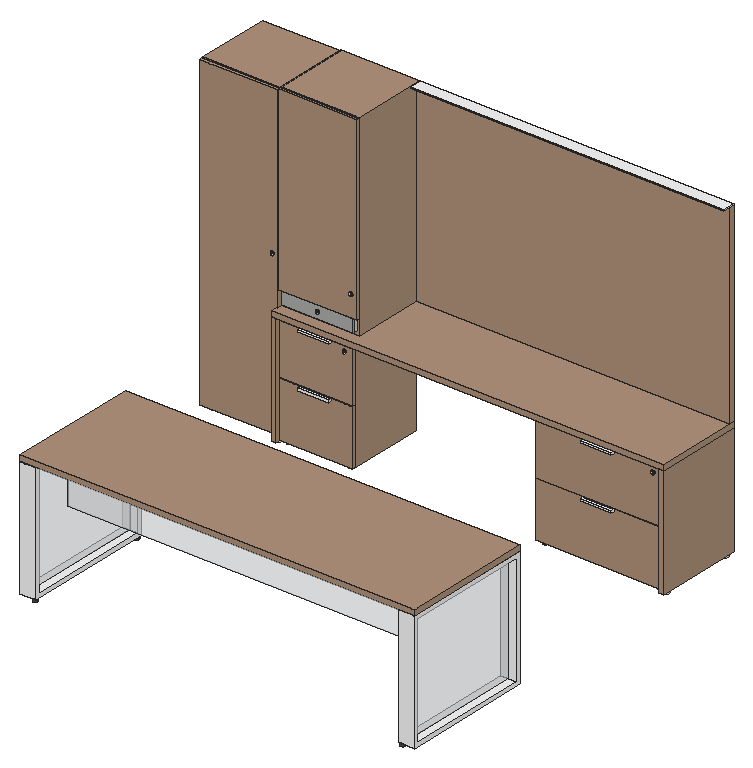
Revit family "Expansion_Casegoods-Private_Office_19-Teknion-R2019", category Furniture Systems, Revit 2019 (continued)
Definition of nested family "Workstations-Multi_Level-Teknion-B_MSD_Secondary-R2018"
  Forms (in)
    Extrusion 13, solid, material <- "Grommet Finish", visible <- "Right Grommet"
      from 0 to 0.15748
  Lines and regions (in)
    Masking region 1
      outline origin (0, 0, 17.425) x (-1, 0, 0) y (0, -1, 0)
        loop
          line (26.865, -9.95) -> (26.865, 9.95) -> (-26.865, 9.95) -> (-26.865, -9.95) -> (26.865, -9.95)
    symbolic lines, detail levels medium+fine
      curve 1: line (-25.84925, -9.95, 0) -> (-25.84925, 9.95, 0)
      curve 2: line (25.84926, 9.95, 0) -> (25.84926, -9.95, 0)
    symbolic lines, visible <- "Has Centered Rectangular Grommet"
      curve 3: line (-0.47993, 8.124, 0) -> (-3.32716, 8.124, 0)
      curve 4: line (3.32716, 8.124, 0) -> (-0.47993, 8.124, 0)
      curve 5: line (3.32716, 5.27994, 0) -> (3.32716, 8.124, 0)
      curve 6: line (-0.47993, 5.27994, 0) -> (3.32716, 5.27994, 0)
      curve 7: line (-3.32716, 5.27994, 0) -> (-0.47993, 5.27994, 0)
      curve 8: line (-3.32716, 8.124, 0) -> (-3.32716, 5.27994, 0)
      curve 9: line (-0.47993, 5.27994, 0) -> (-0.47993, 8.124, 0)
      curve 10: line (-0.47993, 6.91464, 0) -> (1.79967, 6.91464, 0)
      curve 11: line (1.79967, 6.48929, 0) -> (-0.47993, 6.48929, 0)
      curve 12: line (1.79967, 6.91464, 0) -> (1.79967, 6.48929, 0)
    symbolic lines, detail levels fine
      curve 13: arc (26.35528, 8.93481, 0) -> (25.87047, 8.45, 0) -> (26.35528, 7.96519, 0) r 0.48481
      curve 14: arc (26.35528, 7.96519, 0) -> (26.84009, 8.45, 0) -> (26.35528, 8.93481, 0) r 0.48481
      curve 15: arc (26.35528, -7.98445, 0) -> (25.87047, -8.46926, 0) -> (26.35528, -8.95407, 0) r 0.48481
      curve 16: arc (26.35528, -8.95407, 0) -> (26.84009, -8.46926, 0) -> (26.35528, -7.98445, 0) r 0.48481
      curve 17: arc (-26.35528, -7.98445, 0) -> (-26.84009, -8.46926, 0) -> (-26.35528, -8.95407, 0) r 0.48481
      curve 18: arc (-26.35528, -8.95407, 0) -> (-25.87047, -8.46926, 0) -> (-26.35528, -7.98445, 0) r 0.48481
      curve 19: arc (-26.35528, 7.96519, 0) -> (-25.87047, 8.45, 0) -> (-26.35528, 8.93481, 0) r 0.48481
      curve 20: arc (-26.35528, 8.93481, 0) -> (-26.84009, 8.45, 0) -> (-26.35528, 7.96519, 0) r 0.48481
      curve 21: line (-25.73024, 6.95, 0) -> (-25.84925, 6.95, 0)
      curve 22: line (-22.8965, 6.95, 0) -> (-25.73024, 6.95, 0)
      curve 23: line (-22.8965, -6.95, 0) -> (-22.8965, 6.95, 0)
      curve 24: line (-25.73024, -6.95, 0) -> (-22.8965, -6.95, 0)
      curve 25: line (-25.84925, -6.95, 0) -> (-25.73024, -6.95, 0)
      curve 26: line (-25.73024, -6.95, 0) -> (-25.73024, 6.95, 0)
      curve 27: line (25.84926, 6.95, 0) -> (25.73024, 6.95, 0)
      curve 28: line (25.73024, 6.95, 0) -> (22.8965, 6.95, 0)
      curve 29: line (22.8965, 6.95, 0) -> (22.8965, -6.95, 0)
      curve 30: line (22.8965, -6.95, 0) -> (25.73024, -6.95, 0)
      curve 31: line (25.73024, 6.95, 0) -> (25.73024, -6.95, 0)
      curve 32: line (25.73024, -6.95, 0) -> (25.84926, -6.95, 0)
    symbolic lines, visible <- "Left Grommet"
      curve 33: line (-18.77406, 8.124, 0) -> (-21.62129, 8.124, 0)
      curve 34: line (-14.96698, 8.124, 0) -> (-18.77406, 8.124, 0)
      curve 35: line (-14.96698, 5.27994, 0) -> (-14.96698, 8.124, 0)
      curve 36: line (-18.77406, 5.27994, 0) -> (-14.96698, 5.27994, 0)
      curve 37: line (-21.62129, 5.27994, 0) -> (-18.77406, 5.27994, 0)
      curve 38: line (-21.62129, 8.124, 0) -> (-21.62129, 5.27994, 0)
      curve 39: line (-18.77406, 5.27994, 0) -> (-18.77406, 8.124, 0)
      curve 40: line (-18.77406, 6.91464, 0) -> (-16.49446, 6.91464, 0)
      curve 41: line (-16.49446, 6.48929, 0) -> (-18.77406, 6.48929, 0)
      curve 42: line (-16.49446, 6.91464, 0) -> (-16.49446, 6.48929, 0)
    symbolic lines, visible <- "Right Grommet"
      curve 43: line (18.77406, 5.27994, 0) -> (21.62129, 5.27994, 0)
      curve 44: line (14.96698, 5.27994, 0) -> (18.77406, 5.27994, 0)
      curve 45: line (14.96698, 8.124, 0) -> (14.96698, 5.27994, 0)
      curve 46: line (18.77406, 8.124, 0) -> (14.96698, 8.124, 0)
      curve 47: line (21.62129, 8.124, 0) -> (18.77406, 8.124, 0)
      curve 48: line (21.62129, 5.27994, 0) -> (21.62129, 8.124, 0)
      curve 49: line (18.77406, 8.124, 0) -> (18.77406, 5.27994, 0)
      curve 50: line (18.77406, 6.48929, 0) -> (16.49446, 6.48929, 0)
      curve 51: line (16.49446, 6.91464, 0) -> (18.77406, 6.91464, 0)
      curve 52: line (16.49446, 6.48929, 0) -> (16.49446, 6.91464, 0)
  Dimensions and locks (in)
    equal spacing: plane 4 "Left", plane 3 "Center L/R", plane 5 "Right"
    equal spacing: plane 6 "Back", plane 1 "Center F/B", plane 7 "Front"
    "Actual Width": plane 4 "Left" to plane 5 "Right"
    "Actual Depth": plane 7 "Front" to plane 6 "Back"
    locked: Sweep 2 sketch curve to plane 2 at 0.41339
    locked: Sweep 2 sketch curve to plane 12 at 0
    locked: plane 4 "Left" to Sweep 2 sketch curve at 1.01575
    locked: Sweep 2 sketch curve to plane 5 "Right" at 1.01574
    "Height": plane 8 "Top" to plane 2
    locked: Extrusion 3 to plane 2 at 0.41339
    locked: plane 4 "Left" to Extrusion 3 sketch curve at 0.50972  (x2)
    locked: Extrusion 3 sketch curve to plane 5 "Right" at 0.50972  (x2)
    locked: plane 7 "Front" to Extrusion 3 sketch curve at 1.48074
    locked: plane 6 "Back" to Extrusion 3 sketch curve at 1.5
    Extrusion 4 sketch curve to Extrusion 4 sketch curve to plane 3 "Center L/R" = 0' - 2.84723" locked, 0' - 0.47993" locked
    plane 6 "Back" to Extrusion 4 sketch curve to Extrusion 4 sketch curve = 0' - 1.826" locked, 0' - 2.84406" locked
    Extrusion 5 sketch curve to Extrusion 5 sketch curve to plane 3 "Center L/R" to Extrusion 5 sketch curve to Extrusion 5 sketch curve = 0' - 0" locked, 0' - 0.47993" locked, 0' - 1.79967" locked, 0' - 1.52748" locked
    Extrusion 5 sketch curve to Extrusion 5 sketch curve to Extrusion 5 sketch curve to Extrusion 5 sketch curve to plane 6 "Back" = 0' - 1.20936" locked, 0' - 0.42535" locked, 0' - 1.20936" locked, 0' - 1.826" locked
    locked: plane 9 to plane 8 "Top" at 0.15748
    locked: Extrusion 6 sketch curve to plane 6 "Back" at 3
    locked: Extrusion 6 sketch curve to plane 7 "Front" at 3
    plane 4 "Left" to Extrusion 6 sketch curve to Extrusion 6 sketch curve = 0' - 1.13476" locked, 0' - 2.83374" locked
    Extrusion 7 sketch curve to Extrusion 7 sketch curve to Extrusion 7 sketch curve to plane 6 "Back" = 0' - 2.67826" locked, 0' - 0.3937" locked, 0' - 3" locked
    plane 7 "Front" to Extrusion 7 sketch curve to Extrusion 7 sketch curve to Extrusion 7 sketch curve = 0' - 3" locked, 0' - 0.3937" locked, 0' - 2.67826" locked
    Extrusion 7 sketch curve to Extrusion 7 sketch curve to Extrusion 7 sketch curve to Extrusion 7 sketch curve to Extrusion 7 sketch curve to Extrusion 7 sketch curve to plane 12 = 0' - 0.3937" locked, 0' - 0" locked, 0' - 1.78551" locked, 0' - 0" locked, 0' - 0.77355" locked, 0' - 0" locked
    plane 5 "Right" to Extrusion 8 sketch curve to Extrusion 8 sketch curve = 0' - 1.13476" locked, 0' - 2.83374" locked
    Extrusion 9 sketch curve to Extrusion 9 sketch curve to Extrusion 9 sketch curve to plane 6 "Back" = 0' - 2.67826" locked, 0' - 0.3937" locked, 0' - 3" locked
    plane 7 "Front" to Extrusion 9 sketch curve to Extrusion 9 sketch curve to Extrusion 9 sketch curve = 0' - 3" locked, 0' - 0.3937" locked, 0' - 2.67826" locked
    plane 12 to Extrusion 9 sketch curve to Extrusion 9 sketch curve to Extrusion 9 sketch curve to Extrusion 9 sketch curve to Extrusion 9 sketch curve to Extrusion 9 sketch curve = 0' - 0" locked, 0' - 0.77355" locked, 0' - 0" locked, 0' - 1.78551" locked, 0' - 0" locked, 0' - 0.3937" locked
    locked: plane 6 "Back" to Extrusion 8 sketch curve at 3
    locked: plane 7 "Front" to Extrusion 8 sketch curve at 3
    locked: plane 4 "Left" to plane 10 at 1.01575
    locked: plane 10 to Extrusion 7 at 0.11902
    locked: plane 5 "Right" to plane 11 at 1.01575
    locked: Extrusion 9 to plane 11 at 0.11902
    "Worksurface Thickness": plane 8 "Top" to plane 12
    locked: plane 12 to Extrusion 6 at 0.11897
    locked: plane 12 to Extrusion 8 at 0.11897
    plane 4 "Left" to Extrusion 10 sketch curve to Extrusion 10 sketch curve = 0' - 5.24371" locked, 0' - 2.84723" locked
    plane 6 "Back" to Extrusion 10 sketch curve to Extrusion 10 sketch curve = 0' - 1.826" locked, 0' - 2.84406" locked
    plane 4 "Left" to Extrusion 11 sketch curve to Extrusion 11 sketch curve to Extrusion 11 sketch curve to Extrusion 11 sketch curve = 0' - 8.09094" locked, 0' - 0" locked, 0' - 2.2796", 0' - 1.52748" locked
    Extrusion 11 sketch curve to Extrusion 11 sketch curve to Extrusion 11 sketch curve to Extrusion 11 sketch curve to plane 6 "Back" = 0' - 1.20936" locked, 0' - 0.42535" locked, 0' - 1.20936" locked, 0' - 1.826" locked
    plane 5 "Right" to Extrusion 12 sketch curve to Extrusion 12 sketch curve = 0' - 5.24371" locked, 0' - 2.84723" locked
    Extrusion 12 sketch curve to Extrusion 12 sketch curve to plane 6 "Back" = 0' - 2.84406" locked, 0' - 1.826" locked
    plane 5 "Right" to Extrusion 13 sketch curve to Extrusion 13 sketch curve to Extrusion 13 sketch curve to Extrusion 13 sketch curve = 0' - 8.09094" locked, 0' - 0" locked, 0' - 2.2796" locked, 0' - 1.52748" locked
    plane 6 "Back" to Extrusion 13 sketch curve to Extrusion 13 sketch curve to Extrusion 13 sketch curve to Extrusion 13 sketch curve = 0' - 1.826" locked, 0' - 1.20936" locked, 0' - 0.42535" locked, 0' - 1.20936" locked
    aligned and locked: level to plane 2
    aligned and locked: plane 4 "Left" to Sweep 1 sketch curve
    aligned and locked: plane 5 "Right" to Sweep 1 sketch curve
    aligned and locked: plane 1 "Center F/B" to Sweep 1 sketch curve
    aligned and locked: Sweep 1 sketch curve to plane 8 "Top"
    aligned and locked: Sweep 1 sketch curve to plane 7 "Front"
    aligned and locked: Sweep 1 sketch curve to plane 6 "Back"
    aligned and locked: Sweep 2 sketch curve to plane 3 "Center L/R"
    aligned and locked: Sweep 2 sketch curve to plane 6 "Back"  (x2)
    aligned and locked: Sweep 2 sketch curve to plane 4 "Left"
    aligned and locked: Sweep 2 sketch curve to plane 7 "Front"  (x2)
    aligned and locked: Sweep 2 sketch curve to plane 5 "Right"
    aligned and locked: plane 2 to Extrusion 3
    aligned and locked: curve 1 to Sweep 2
    aligned and locked: curve 2 to Sweep 2
    aligned and locked: Masking region 1 sketch curve to plane 4 "Left"
    aligned and locked: Masking region 1 sketch curve to plane 5 "Right"
    aligned and locked: Masking region 1 sketch curve to plane 6 "Back"
    aligned and locked: Masking region 1 sketch curve to plane 7 "Front"
    aligned and locked: Extrusion 4 to plane 9
    aligned and locked: Extrusion 5 to plane 9
    aligned and locked: Extrusion 4 to plane 8 "Top"
    aligned and locked: Extrusion 5 to plane 8 "Top"
    aligned and locked: curve 3 to Extrusion 4
    aligned and locked: curve 7 to Extrusion 4
    aligned and locked: curve 8 to Extrusion 4
    aligned and locked: curve 9 to Extrusion 4
    aligned and locked: Extrusion 7 to Extrusion 6
    aligned and locked: Extrusion 8 to Extrusion 9
    aligned and locked: Extrusion 7 to plane 10
    aligned and locked: Extrusion 9 to plane 11
    aligned and locked: curve 4 to Extrusion 5
    aligned and locked: curve 5 to Extrusion 5
    aligned and locked: curve 10 to Extrusion 5
    aligned and locked: curve 12 to Extrusion 5
    aligned and locked: curve 11 to Extrusion 5
    aligned and locked: curve 13 to Extrusion 3
    aligned and locked: curve 14 to Extrusion 3
    aligned and locked: curve 15 to Extrusion 3
    aligned and locked: curve 16 to Extrusion 3
    aligned and locked: curve 17 to Extrusion 3
    aligned and locked: curve 18 to Extrusion 3
    aligned and locked: curve 19 to Extrusion 3
    aligned and locked: curve 20 to Extrusion 3
    aligned and locked: curve 28 to Extrusion 8
    aligned and locked: curve 29 to Extrusion 8
    aligned and locked: curve 30 to Extrusion 8
    aligned and locked: Extrusion 8 to plane 12
    aligned and locked: Extrusion 6 to plane 12
    aligned and locked: curve 23 to Extrusion 6
    aligned and locked: curve 33 to Extrusion 10
    aligned and locked: curve 37 to Extrusion 10
    aligned and locked: curve 38 to Extrusion 10
    aligned and locked: curve 39 to Extrusion 10
    aligned and locked: curve 34 to Extrusion 11
    aligned and locked: curve 35 to Extrusion 11
    aligned and locked: curve 40 to Extrusion 11
    aligned and locked: curve 42 to Extrusion 11
    aligned and locked: curve 41 to Extrusion 11
    aligned and locked: curve 43 to Extrusion 12
    aligned and locked: curve 47 to Extrusion 12
    aligned and locked: curve 48 to Extrusion 12
    aligned and locked: curve 49 to Extrusion 12
    aligned and locked: curve 44 to Extrusion 13
    aligned and locked: curve 45 to Extrusion 13
    aligned and locked: curve 50 to Extrusion 13
    aligned and locked: curve 52 to Extrusion 13
    aligned and locked: curve 51 to Extrusion 13
    aligned and locked: Extrusion 11 to plane 8 "Top"
    aligned and locked: Extrusion 10 to plane 8 "Top"
    aligned and locked: Extrusion 12 to plane 8 "Top"
    aligned and locked: Extrusion 13 to plane 8 "Top"
    aligned and locked: plane 9 to Extrusion 11
    aligned and locked: plane 9 to Extrusion 10
    aligned and locked: Extrusion 13 to plane 9
    aligned and locked: Extrusion 12 to plane 9
    aligned and locked: Sweep 1 sketch curve to plane 12
  Automatic sketch dimensions
    Extrusion 3 sketch curve to Extrusion 3 sketch curve = 0' - 0"  (x2)
    Extrusion 3 sketch curve to plane 7 "Front" = 0' - 1.48074"
    Extrusion 3 sketch curve to plane 6 "Back" = 0' - 1 1/2"
    Extrusion 3 sketch curve to Extrusion 3 sketch curve = 0' - 0.48481"  (x4)
    plane 12 to Extrusion 7 sketch curve = 0' - 1.10113"  (x2)
    plane 12 to Extrusion 7 sketch curve = 0' - 2.88664"  (x2)
    plane 12 to Extrusion 9 sketch curve = 0' - 1.10113"  (x2)
    plane 12 to Extrusion 9 sketch curve = 0' - 2.88664"  (x2)
    plane 7 "Front" to curve 2 = 0' - 0"
    plane 7 "Front" to curve 1 = 0' - 0"
    curve 1 to plane 6 "Back" = 0' - 0"
    curve 2 to plane 6 "Back" = 0' - 0"
    curve 25 to curve 25 = 0' - 0.11902"
    plane 11 to curve 32 = 0' - 0.11902"
    curve 17 to curve 25 = 0' - 1.03445"
    curve 21 to curve 19 = 0' - 1.01519"
Definition of nested family "Storage-Multi_Level_Workstations-Teknion-BSSL_Lateral_File-R2019"
  Parameters (values of type "High Secondary Desk Height, 20" Secondary Desk Depth")
    Width [instance] = 2' - 0"
    Warranty = "http://www.teknion.com/ca/papers/legal-canada"
    Unit Weight URL = "http://www.teknion.com/ca/tools/assets#&asset=bee6a381-b954-425e-8283-5a2de3a804f2,f828d448-4b62-4231-9e5f-9a8991c0ed77"
    URL = "http://www.teknion.com/"
    To render please download texture images found here [instance] = "https://assets.teknion.com/web/5e81352c1dfdb467/revit-material-swatches/"
    Sustainability Data = "http://www.teknion.com/ca/tools/assets#&topic=216f99a5-57a0-44fc-b10a-9dee9b29ae4c&asset=444deb64-fe58-4b68-981e-f75e97781df7"
    Series = "Expansion Casegoods"  # constant formula
    Pull Finish [instance] = none
    Product Page URL = "http://www.teknion.com/ca/products/product-details?productlineid=0053336e-8e7a-673b-a6c8-ff00004460c4"
    Product Line = "Expansion Casegoods"  # constant formula
    Product Documentation Link = "http://www.teknion.com/pricing/expansion-casegoods/pdfs/BSSL_ppg.pdf"
    Part Number = "BSSL"  # constant formula
    How To Use Teknion Materials User Guide [instance] = "https://assets.teknion.com/m/205dd0a49fa58060/original/How-to-add-a-Material-Library-and-Texture-Images-to-your-Revit-project.pdf"
    For Additional Finishes please visit [instance] = "https://assets.teknion.com/m/44a8009b046e5d47/original/Teknion_Materials_Library.zip"
    End of 1-9/16" thick Secondary Desk [instance] = no
    End of 1-3/16" thick Secondary Desk [instance] = no
    End of 1" thick Secondary Desk [instance] = no
    Configurations Note [instance] = "The Center configuration is not available for the 42 inch width."  # constant formula
    Available Widths [instance] = "Available Widths range from 18 to 42 inches in 6 inch increments."  # constant formula
    Model = "BSSL_NH20__"
    Manufacturer Phone = "416-661-3370"
    Manufacturer Fax = "416.661.4586"
    Manufacturer Contact Information = "http://www.teknion.com/ca/contactus"
    Manufacturer Address = "1150 Flint Road, Toronto, ON. M3J 2J5. Canada"
    Manufacturer = "Teknion"  # constant formula
    Low = not(High)  # no
    Lateral File Front Finish [instance] = none
    High - Drawer Horizontal Cut [instance] = if(High, 0' 1.501", 0' 0.55")  # 0' - 1.501"
    High = yes
    Height = 2' - 1.299"
    End [instance] = or([End of 1" thick Secondary Desk], [End of 1-3/16" thick Secondary Desk], [End of 1-9/16" thick Secondary Desk])  # no
    Description = "Lateral File, Not In Front of Height Adjustable Mechanism, High Secondary Desk Height, 20\" Secondary Desk Depth"
    Center [instance] = not(or([End of 1" thick Secondary Desk], [End of 1-3/16" thick Secondary Desk], [End of 1-9/16" thick Secondary Desk]))  # yes
    Case Finish [instance] = none
    Assembly Code = "E2020200"
    Actual Width [instance] = if(and(Width = 1' 6", End), 1' 4.775", if(and(Width = 1' 6", Center), 1' 5.91", if(and(Width = 2' 0", End), 1' 10.745", if(and(Width = 2' 0", Center), 1' 11.88", if(and(Width = 2' 6", End), 2' 4.715", if(and(Width = 2' 6", Center), 2' 5.85", if(and(Width = 3' 0", End), 2' 10.685", if(and(Width = 3' 0", Center), 2' 11.82", if(and(Width = 3' 6", End), 3' 4.655", 1' 4.775")))))))))  # 1' - 11.88"
  Types (4): name | Model | Low | High - Drawer Horizontal Cut | High | Height | Description
    High Secondary Desk Height, 20" Secondary Desk Depth | "BSSL_NH20__" | no | 0' - 1.501" | yes | 2' - 1.299" | "Lateral File, Not In Front of Height Adjustable Mechanism, High Secondary Desk Height, 20\" Secondary Desk Depth"
    Low Secondary Desk Height, 20" Secondary Desk Depth | "BSSL_NL20__" | yes | 0' - 0.55" | no | 1' - 3.748" | "Lateral File, Not In Front of Height Adjustable Mechanism, Low Secondary Desk Height, 20\" Secondary Desk Depth"
    High Secondary Desk Height, 24" Secondary Desk Depth | "BSSL_NH24__" | no | 0' - 1.501" | yes | 2' - 1.299" | "Lateral File, Not In Front of Height Adjustable Mechanism, High Secondary Desk Height, 24\" Secondary Desk Depth"
    Low Secondary Desk Height, 24" Secondary Desk Depth | "BSSL_NL24__" | yes | 0' - 0.55" | no | 1' - 3.748" | "Lateral File, Not In Front of Height Adjustable Mechanism, Low Secondary Desk Height, 24\" Secondary Desk Depth"
  Reference planes (in)
    plane 1 "Center F/B": y = 0
    plane 2: z = 0
    plane 3 "Center L/R": x = 0
    plane 4 "Left": x = -11.94
    plane 5 "Right": x = 11.94
    plane 6 "Back": y = 8.9605
    plane 7 "Front": y = -8.9605
    plane 8 "Top": z = 25.299
    plane 9: y = -9
    plane 10: z = 13.38955
    plane 11: z = 13.50787
    plane 12: y = -9.7605
  Forms (in)
    Sweep 1, solid, material <- "Lateral File Front Finish"
      path origin (0, -17.21, 0) x (0, -1, 0) y (-1, 0, 0)
        loop
          line (-8.95029, 0) -> (-8.2495, 0)
      profile origin (0, -8.61011, 0) x (1, 0, 0) y (0, 0, 1)
        loop
          line (-11.94, 25.299) -> (-11.94, 0.72026) -> (11.94, 0.72026) -> (11.94, 25.299) -> (-11.94, 25.299)
    Sweep 2, solid, material <- "Case Finish"
      path origin (0, 0, 0) x (1, 0, 0) y (0, 0, 1)
        loop
          line (0, 0.60215) -> (0, 25.299)
      profile origin (0, 0, 12.95057) x (-1, 0, 0) y (0, -1, 0)
        loop
          line (11.94, -8.9605) -> (11.94, 8.25997) -> (-11.94, 8.25997) -> (-11.94, -8.9605) -> (11.94, -8.9605)
    Sweep 3, solid
      path origin (0, -9, 0) x (1, 0, 0) y (0, 0, 1)
        loop
          line (0, 0.60215) -> (0, 0)
      profile origin (0, -9, 0.30107) x (0, -1, 0) y (1, 0, 0)
        loop
          circle (-1.37786, -10.67812) r 0.5
        loop
          circle (-1.37786, 10.67812) r 0.5
        loop
          circle (-17.32263, -10.67812) r 0.5
        loop
          circle (-17.32263, 10.67812) r 0.5
    Sweep 4, void
      path origin (0, 0, 0) x (1, 0, 0) y (0, 1, 0)
        loop
          line (-11.94, 0) -> (11.94, 0)
      profile origin (0, 0, 0) x (0, 1, 0) y (0, 0, 1)
        loop
          line (8.9605, 25.299) -> (1.7164, 25.299) -> (1.7164, 24.59821) -> (8.9605, 24.59821) -> (8.9605, 25.299)
    Sweep 5, solid, material <- "Pull Finish"
      path origin (0, 0, 25.299) x (-1, 0, 0) y (0, -1, 0)
        loop
          line (3.5, 8.9605) -> (-3.5, 8.9605)
      profile origin (0, -8.9605, 25.299) x (0, 1, 0) y (0, 0, 1)
        loop
          line (0, -0.05906) -> (-0.75223, -0.05906) -> (-0.75223, -0.55906) -> (0, -0.55906) -> (0, -0.05906)
    Sweep 6, solid, material <- "Pull Finish", visible <- "High"
      path origin (0, 0, 13.38955) x (-1, 0, 0) y (0, -1, 0)
        loop
          line (-3.5, 8.9605) -> (3.5, 8.9605)
      profile origin (0, -8.9605, 13.38955) x (0, -1, 0) y (0, 0, 1)
        loop
          line (0, -0.05906) -> (0, -0.55906) -> (0.75223, -0.55906) -> (0.75223, -0.05906) -> (0, -0.05906)
    Extrusion 7, solid
      sketch origin (0, -8.9605, 0) x (1, 0, 0) y (0, 0, 1)
        loop
          line (10.09957, 24.22638) -> (10.00114, 24.22638) -> (10.00114, 23.85236) -> (10.09957, 23.85236) -> (10.09957, 24.22638)
        loop
          circle (10.05035, 24.03937) r 0.39986
      from 0 to 0.05931
    Extrusion 8, void
      sketch origin (0, -8.9605, 0) x (1, 0, 0) y (0, 0, 1)
        loop
          line (-11.94, 13.50787) -> (-11.94, 13.38955) -> (11.94, 13.38955) -> (11.94, 13.50787) -> (-11.94, 13.50787)
      from 0.8 to -0.701
  Cuts and joins
    Sweep 4 cuts Sweep 2
    Extrusion 8 cuts Sweep 1
  Lines and regions (in)
    Masking region 1
      outline origin (0, 0, 25.299) x (-1, 0, 0) y (0, -1, 0)
        loop
          line (11.94, -8.9605) -> (11.94, 8.9605) -> (-11.94, 8.9605) -> (-11.94, -8.9605) -> (11.94, -8.9605)
    Masking region 2
      outline origin (0, 0, 0) x (1, 0, 0) y (0, 1, 0)
        loop
          line (-3.5, -8.9605) -> (-3.5, -9.71273) -> (3.5, -9.71273) -> (3.5, -8.9605) -> (-3.5, -8.9605)
    Masking region 3
      outline origin (0, 0, 0) x (1, 0, 0) y (0, 1, 0)
        loop
          line (10.45022, -8.9605) -> (9.65049, -8.9605) -> (9.65049, -9.01981) -> (10.45022, -9.01981) -> (10.45022, -8.9605)
    symbolic lines
      curve 1: line (-11.94, -8.25971, 0) -> (11.94, -8.25971, 0)
      curve 2: line (-11.94, 1.7164, 0) -> (11.94, 1.7164, 0)
    symbolic lines, detail levels fine
      curve 3: arc (-10.67812, -8.12214, 0) -> (-10.17812, -7.62214, 0) -> (-10.67812, -7.12214, 0) r 0.5
      curve 4: arc (-10.67812, -7.12214, 0) -> (-11.17812, -7.62214, 0) -> (-10.67812, -8.12214, 0) r 0.5
      curve 5: arc (10.67812, -8.12214, 0) -> (11.17812, -7.62214, 0) -> (10.67812, -7.12214, 0) r 0.5
      curve 6: arc (10.67812, -7.12214, 0) -> (10.17812, -7.62214, 0) -> (10.67812, -8.12214, 0) r 0.5
      curve 7: arc (10.67812, 7.82263, 0) -> (11.17812, 8.32263, 0) -> (10.67812, 8.82263, 0) r 0.5
      curve 8: arc (10.67812, 8.82263, 0) -> (10.17812, 8.32263, 0) -> (10.67812, 7.82263, 0) r 0.5
      curve 9: arc (-10.67812, 7.82263, 0) -> (-10.17812, 8.32263, 0) -> (-10.67812, 8.82263, 0) r 0.5
      curve 10: arc (-10.67812, 8.82263, 0) -> (-11.17812, 8.32263, 0) -> (-10.67812, 7.82263, 0) r 0.5
  Dimensions and locks (in)
    equal spacing: plane 4 "Left", plane 3 "Center L/R", plane 5 "Right"
    equal spacing: plane 6 "Back", plane 1 "Center F/B", plane 7 "Front"
    "Height": plane 8 "Top" to plane 2
    locked: plane 8 "Top" to Sweep 1 sketch curve at 0
    locked: Sweep 2 sketch curve to plane 2 at 0.60215
    locked: Sweep 1 sketch curve to plane 2 at 0.72026
    locked: Sweep 1 sketch curve to plane 4 "Left" at 0
    locked: plane 5 "Right" to Sweep 1 sketch curve at 0
    locked: plane 4 "Left" to Sweep 3 sketch curve at 1.26188  (x2)
    locked: plane 7 "Front" to Sweep 3 sketch curve at 1.33836  (x2)
    locked: plane 7 "Front" to Sweep 1 sketch curve at 0.70079
    locked: plane 6 "Back" to Sweep 4 sketch curve at 7.2441
    locked: plane 8 "Top" to Sweep 4 sketch curve at 0.70079
    Sweep 5 sketch curve to plane 3 "Center L/R" to Sweep 5 sketch curve = 0' - 3 1/2" locked, 0' - 3 1/2" locked
    plane 8 "Top" to Sweep 5 sketch curve to Sweep 5 sketch curve = 0' - 0.05906", 0' - 0 1/2"
    locked: plane 7 "Front" to Sweep 5 sketch curve at 0.75223
    "Actual Width": plane 4 "Left" to plane 5 "Right"
    locked: plane 6 "Back" to plane 7 "Front" at 17.921
    locked: Sweep 3 sketch curve to plane 2 at 0.60215
    locked: plane 8 "Top" to plane 10 at 11.90945
    Sweep 6 sketch curve to plane 3 "Center L/R" to Sweep 6 sketch curve = 0' - 3 1/2" locked, 0' - 3 1/2" locked
    plane 10 to Sweep 6 sketch curve to Sweep 6 sketch curve = 0' - 0.05906" locked, 0' - 0 1/2" locked
    locked: profile plane to Sweep 6 sketch curve at 0.75223
    locked: plane 7 "Front" to Sweep 2 sketch curve at 0.70053
    locked: Sweep 3 sketch curve to plane 5 "Right" at 1.26188  (x2)
    locked: plane 6 "Back" to Sweep 3 sketch curve at 0.63787  (x2)
    plane 5 "Right" to Extrusion 7 sketch curve to Extrusion 7 sketch curve to Extrusion 7 sketch curve = 0' - 1.84043" locked, 0' - 0.04921" locked, 0' - 0.04921" locked
    plane 8 "Top" to Extrusion 7 sketch curve to Extrusion 7 sketch curve to Extrusion 7 sketch curve = 0' - 1.07262" locked, 0' - 0.18701" locked, 0' - 0.18701" locked
    locked: Extrusion 7 to plane 7 "Front" at 0.05931
    locked: plane 11 to plane 10 at 0.11832
    locked: plane 7 "Front" to plane 12 at 0.8
    "High - Drawer Horizontal Cut": Extrusion 8 to plane 12
    Masking region 3 sketch curve to Masking region 3 sketch curve to plane 5 "Right" = 0' - 0.79973" locked, 0' - 1.48978" locked
    aligned and locked: level to plane 2
    aligned and locked: Masking region 1 sketch curve to plane 5 "Right"
    aligned and locked: plane 4 "Left" to Masking region 1 sketch curve
    aligned and locked: Masking region 1 sketch curve to plane 6 "Back"
    aligned and locked: Masking region 1 sketch curve to plane 7 "Front"
    aligned and locked: plane 8 "Top" to Sweep 2 sketch curve
    aligned and locked: plane 3 "Center L/R" to Sweep 2 sketch curve
    aligned and locked: Sweep 2 sketch curve to plane 6 "Back"
    aligned and locked: plane 4 "Left" to Sweep 2 sketch curve
    aligned and locked: Sweep 2 sketch curve to plane 5 "Right"
    aligned and locked: curve 1 to Sweep 1
    aligned and locked: plane 4 "Left" to curve 1
    aligned and locked: plane 5 "Right" to curve 1
    aligned and locked: plane 7 "Front" to Sweep 1 sketch curve
    aligned and locked: Sweep 1 sketch curve to plane 3 "Center L/R"
    aligned and locked: plane 1 "Center F/B" to Sweep 4 sketch curve
    aligned and locked: plane 5 "Right" to Sweep 4 sketch curve
    aligned and locked: plane 4 "Left" to Sweep 4 sketch curve
    aligned and locked: Sweep 4 sketch curve to plane 8 "Top"
    aligned and locked: Sweep 4 sketch curve to plane 6 "Back"
    aligned and locked: curve 2 to cut or joined group of Sweep 2, Sweep 4
    aligned and locked: plane 7 "Front" to Sweep 5 sketch curve  (x2)
    aligned and locked: Sweep 3 sketch curve to plane 3 "Center L/R"
    aligned and locked: plane 2 to Sweep 3 sketch curve
    aligned and locked: Extrusion 7 to plane 7 "Front"
    aligned and locked: Extrusion 8 sketch curve to plane 4 "Left"
    aligned and locked: Extrusion 8 sketch curve to plane 11
    aligned and locked: Extrusion 8 sketch curve to plane 10
    aligned and locked: Extrusion 8 sketch curve to plane 5 "Right"
    aligned and locked: plane 12 to Extrusion 8
    aligned and locked: Masking region 2 sketch curve to Sweep 5  (x4)
    aligned and locked: curve 3 to Sweep 3
    aligned and locked: curve 4 to Sweep 3
    aligned and locked: curve 5 to Sweep 3
    aligned and locked: curve 6 to Sweep 3
    aligned and locked: curve 7 to Sweep 3
    aligned and locked: curve 8 to Sweep 3
    aligned and locked: curve 9 to Sweep 3
    aligned and locked: curve 10 to Sweep 3
    aligned and locked: Masking region 3 sketch curve to plane 7 "Front"
    aligned and locked: Masking region 3 sketch curve to Extrusion 7
  Automatic sketch dimensions
    curve 2 to plane 4 "Left" = 0' - 0"
    curve 2 to plane 5 "Right" = 0' - 0"
    Sweep 6 sketch curve to profile plane = 0' - 0"
    plane 7 "Front" to Sweep 6 sketch curve = 0' - 0"
    radius of Sweep 3 sketch curve = 0' - 0 1/2"  (x4)
    radius of Extrusion 7 sketch curve = 0' - 0.39986"
Definition of nested family "Storage-Mounted-Teknion-BRHL_Tower_with_Full _Solid_Door_High_Secondary_Desk-R2019"
  Parameters (values of type "18" x 18" x 66"")
    Width = 1' - 5.91"
    Warranty = "https://www.teknion.com/ca/warranty"
    Unit Weight URL = "http://www.teknion.com/pricing/expansion-casegoods/pdfs/wv.pdf"
    URL = "http://www.teknion.com/"
    Sustainability Data = "http://www.teknion.com/about-teknion/environment/datasheets.asp"
    Series = "Expansion Casegoods"  # constant formula
    Product Page URL = "https://www.teknion.com/products/product-details?productLineId=0053336e-8e7a-673b-a6c8-ff00004460c4"
    Product Line = "Expansion Casegoods"  # constant formula
    Product Documentation Link = "http://www.teknion.com/pricing/expansion-casegoods/pdfs/BRHL_ppg.pdf"
    Part Number = "BRHL"  # constant formula
    Model = "BRHLS181866_"
    Manufacturer Phone = "416-661-3370"
    Manufacturer Fax = "416.661.4586"
    Manufacturer Contact Information = "https://www.teknion.com/ca/contactus"
    Manufacturer Address = "1150 Flint Road, Toronto, ON. M3J 2J5. Canada"
    Manufacturer = "Teknion"  # constant formula
    Height = 5' - 5.374"
    Door Front Finish [instance] = none
    Description = "Tower with Full Solid Door - High Secondary Desk Mounted, Shelf Interior Configuration, 18\" Depth, 18\" Width, 66\" Height"
    Depth = 1' - 6"
    Case Finish [instance] = none
    Assembly Code = "E2020200"
  Types (2): name | Model | Height | Description
    18" x 18" x 66" | "BRHLS181866_" | 5' - 5.374" | "Tower with Full Solid Door - High Secondary Desk Mounted, Shelf Interior Configuration, 18\" Depth, 18\" Width, 66\" Height"
    18" x 18" x 72" | "BRHLS181872_" | 5' - 11.626" | "Tower with Full Solid Door - High Secondary Desk Mounted, Shelf Interior Configuration, 18\" Depth, 18\" Width, 72\" Height"
  Reference planes (in)
    plane 1 "Center F/B": y = 0.045
    plane 2: z = 0
    plane 3 "Center L/R": x = 0
    plane 4 "Left": x = -8.955
    plane 5 "Right": x = 8.955
    plane 6 "Back": y = 9.045
    plane 7 "Front": y = -8.955
    plane 8 "Top": z = 65.374
    plane 9: y = -8.955
    plane 10 "Bottom of Pedestal": z = 26.97244
    plane 11: z = 46.17322
    plane 12: y = -9.01406
  Forms (in)
    Sweep 1, solid, material <- "Door Front Finish"
      path origin (0, -17.21, 0) x (0, -1, 0) y (-1, 0, 0)
        loop
          line (-8.95579, 0) -> (-8.255, 0)
      profile origin (0, -8.60461, 0) x (1, 0, 0) y (0, 0, 1)
        loop
          line (-8.89594, 65.25589) -> (-8.89594, 30.5748) -> (8.89594, 30.5748) -> (8.89594, 65.25589) -> (-8.89594, 65.25589)
    Sweep 2, solid, material <- "Case Finish"
      path origin (0, 0.045, 0) x (1, 0, 0) y (0, 0, 1)
        loop
          line (0, 26.97244) -> (0, 65.374)
      profile origin (0, 0.045, 46.17322) x (-1, 0, 0) y (0, -1, 0)
        loop
          line (8.955, -9) -> (8.955, 8.16142) -> (-8.955, 8.16142) -> (-8.955, -9) -> (8.955, -9)
    Sweep 3, void
      path origin (0, 0, 0) x (1, 0, 0) y (0, 1, 0)
        loop
          line (0, -8.955) -> (0, 9.045)
      profile origin (0, 0.045, 0) x (-1, 0, 0) y (0, 0, 1)
        loop
          line (8.25421, 27.67323) -> (8.25421, 30.51575) -> (-8.25421, 30.51575) -> (-8.25421, 27.67323) -> (8.25421, 27.67323)
    Extrusion 4, solid
      sketch origin (0, -8.955, 0) x (1, 0, 0) y (0, 0, 1)
        loop
          circle (7.61642, 35.41732) r 0.395
        loop
          line (7.5672, 35.60433) -> (7.5672, 35.23031) -> (7.66563, 35.23031) -> (7.66563, 35.60433) -> (7.5672, 35.60433)
      from 0 to 0.05906
  Cuts and joins
    Sweep 3 cuts Sweep 2
  Lines and regions (in)
    Masking region 1
      outline origin (0, 0, 65.374) x (-1, 0, 0) y (0, -1, 0)
        loop
          line (8.955, -9.045) -> (8.955, 8.955) -> (-8.955, 8.955) -> (-8.955, -9.045) -> (8.955, -9.045)
    Masking region 2
      outline origin (0, 0, 0) x (1, 0, 0) y (0, 1, 0)
        loop
          line (7.22142, -9.01406) -> (8.01142, -9.01406) -> (8.01142, -8.955) -> (7.22142, -8.955) -> (7.22142, -9.01406)
    symbolic lines
      curve 1: line (-8.955, -8.25421, 0) -> (8.955, -8.25421, 0)
      curve 2: line (8.955, 0.045, 65.25589) -> (-8.955, 0.045, 46.17322)
      curve 3: line (-8.955, 0.045, 46.17322) -> (8.955, 0.045, 30.60236)
      curve 4: line (-8.955, -8.11642, 0) -> (8.955, -8.11642, 0)
    symbolic lines, detail levels medium+fine
      curve 5: line (-8.25421, 9.045, 0) -> (-8.25421, -8.11642, 0)
      curve 6: line (8.25421, -8.11642, 0) -> (8.25421, 9.045, 0)
  Dimensions and locks (in)
    equal spacing: plane 4 "Left", plane 3 "Center L/R", plane 5 "Right"
    "Width": plane 4 "Left" to plane 5 "Right"
    equal spacing: plane 6 "Back", plane 1 "Center F/B", plane 7 "Front"
    "Depth": plane 6 "Back" to plane 7 "Front"
    locked: plane 9 to plane 7 "Front" at 0
    "Height": plane 8 "Top" to plane 2
    locked: plane 10 "Bottom of Pedestal" to plane 2 at 26.97244
    locked: plane 8 "Top" to Sweep 1 sketch curve at 0.11811
    locked: Sweep 1 sketch curve to plane 10 "Bottom of Pedestal" at 3.60236
    Sweep 3 sketch curve to Sweep 3 sketch curve to plane 10 "Bottom of Pedestal" = 0' - 2.84252" locked, 0' - 0.70079" locked
    locked: plane 7 "Front" to Sweep 1 sketch curve at 0.70079
    equal spacing: plane 8 "Top", plane 11, plane 10 "Bottom of Pedestal"
    plane 5 "Right" to Extrusion 4 sketch curve to Extrusion 4 sketch curve to Extrusion 4 sketch curve = 0' - 1.28937" locked, 0' - 0.04921" locked, 0' - 0.04921" locked
    Extrusion 4 sketch curve to Extrusion 4 sketch curve to Extrusion 4 sketch curve to plane 10 "Bottom of Pedestal" = 0' - 0.18701" locked, 0' - 0.18701" locked, 0' - 8.25787" locked
    locked: plane 12 to plane 7 "Front" at 0.05906
    locked: Sweep 2 sketch curve to plane 7 "Front" at 0.83858
    Masking region 2 sketch curve to Masking region 2 sketch curve to plane 5 "Right" = 0' - 0.79" locked, 0' - 0.94358" locked
    locked: Sweep 1 sketch curve to plane 4 "Left" at 0.05906
    locked: plane 5 "Right" to Sweep 1 sketch curve at 0.05906
    aligned and locked: level to plane 2
    aligned and locked: Masking region 1 sketch curve to plane 5 "Right"
    aligned and locked: Masking region 1 sketch curve to plane 4 "Left"
    aligned and locked: Masking region 1 sketch curve to plane 6 "Back"
    aligned and locked: Masking region 1 sketch curve to plane 7 "Front"
    aligned and locked: plane 8 "Top" to Sweep 2 sketch curve
    aligned and locked: plane 3 "Center L/R" to Sweep 2 sketch curve
    aligned and locked: Sweep 2 sketch curve to plane 6 "Back"
    aligned and locked: plane 4 "Left" to Sweep 2 sketch curve
    aligned and locked: Sweep 2 sketch curve to plane 5 "Right"
    aligned and locked: plane 10 "Bottom of Pedestal" to Sweep 2 sketch curve
    aligned and locked: plane 7 "Front" to Sweep 3 sketch curve
    aligned and locked: Sweep 3 sketch curve to plane 3 "Center L/R"
    aligned and locked: plane 6 "Back" to Sweep 3 sketch curve
    aligned and locked: curve 1 to Sweep 1
    aligned and locked: plane 4 "Left" to curve 1
    aligned and locked: plane 5 "Right" to curve 1
    aligned and locked: nested 1 to plane 3 "Center L/R"
    aligned and locked: nested 1 to plane 7 "Front"
    aligned and locked: plane 5 "Right" to curve 2
    aligned and locked: plane 11 to curve 3
    aligned and locked: plane 5 "Right" to curve 3
    aligned and locked: plane 12 to Extrusion 4
    aligned and locked: Extrusion 4 to plane 7 "Front"
    aligned and locked: curve 4 to cut or joined group of Sweep 2, Sweep 3
    aligned and locked: Masking region 2 sketch curve to Extrusion 4  (x2)
    aligned and locked: curve 5 to cut or joined group of Sweep 2, Sweep 3
    aligned and locked: curve 6 to cut or joined group of Sweep 2, Sweep 3
  Automatic sketch dimensions
    curve 2 to plane 4 "Left" = 0' - 0"
    plane 10 "Bottom of Pedestal" to curve 3 = 0' - 3.62992"
    curve 2 to plane 8 "Top" = 0' - 0.11811"
    Sweep 1 sketch curve to plane 3 "Center L/R" = 0' - 0"
    plane 7 "Front" to Sweep 1 sketch curve = 0' - 0"
    curve 4 to plane 4 "Left" = 0' - 0"
    curve 4 to plane 5 "Right" = 0' - 0"
    profile plane to Sweep 3 sketch curve = 0' - 8.25421"
    Sweep 3 sketch curve to profile plane = 0' - 8.25421"
    curve 5 to plane 6 "Back" = 0' - 0"
    curve 6 to plane 6 "Back" = 0' - 0"
    radius of Extrusion 4 sketch curve = 0' - 0.395"
  Nested families (in)
    nested 1: "Door-Swing_Symbol-Teknion-2D" at (0, -8.955, 0) x (-1, 0, 0) z (0, 0, 1), type "Door-Swing_Symbol-Teknion-2D", detail levels fine
      with Swing Width 1' - 5.91"
  Definition of nested family "Door-Swing_Symbol-Teknion-2D"
    Parameters
      Swing Width = 2' - 2"
    Reference planes (in)
      plane 1 "Center (Front/Back)": y = 0
      plane 2: z = 0
      plane 3 "Center (Left/Right)": x = 0
      plane 4: x = -13
      plane 5: x = 13
    Lines and regions (in)
      detail lines, in view "Ref. Level"
        curve 1: line (13, 0, 0) -> (13, -26, 0)
        curve 2: arc (-13, 0, 0) -> (-5.38478, -18.38478, 0) -> (13, -26, 0) r 26
    Dimensions and locks (in)
      equal spacing: plane 4, plane 3 "Center (Left/Right)", plane 5
      "Swing Width": plane 4 to plane 5
      "Swing Width": curve 1 to plane 1 "Center (Front/Back)"
      "Swing Width": radius of curve 2
      aligned and locked: plane 1 "Center (Front/Back)" to curve 1
    Automatic sketch dimensions
      curve 2 to plane 4 = 0' - 0"
Definition of nested family "Desk_Accessories-Teknion-BADMF_Multi_Functional_Drawer-R2018"
  Parameters (values of type "17"d x 17"w x 03"h")
    Warranty = "http://www.teknion.com/ca/papers/legal-canada"
    Unit Weight URL = "http://www.teknion.com/ca/tools/assets#&asset=bee6a381-b954-425e-8283-5a2de3a804f2,f828d448-4b62-4231-9e5f-9a8991c0ed77"
    URL = "www.teknion.com"
    Sustainability Data = "http://www.teknion.com/ca/tools/assets#&topic=216f99a5-57a0-44fc-b10a-9dee9b29ae4c&asset=444deb64-fe58-4b68-981e-f75e97781df7"
    Series = "Expansion Casegoods"  # constant formula
    Product Page URL = "http://www.teknion.com/ca/products/product-details?productlineid=0053336e-8e7a-673b-a6c8-ff00004460c4"
    Product Line = "Expansion Casegoods"  # constant formula
    Product Documentation Link = "http://www.teknion.com/pricing/expansion-casegoods/pdfs/BADMF_ppg.pdf"
    Part Number = "BADMF"
    Model = "BADMF171703"
    Manufacturer Phone = "416-661-3370"  # constant formula
    Manufacturer Fax = "416.661.4586"  # constant formula
    Manufacturer Contact Information = "http://www.teknion.com/ca/contactus"
    Manufacturer Address = "1150 Flint Road, Toronto, ON. M3J 2J5. Canada"  # constant formula
    Manufacturer = "Teknion"  # constant formula
    Description = "Multi-Functional Drawer, 17\" Depth, 17\" Width, 3\" Height"
    Assembly Code = "E2020200"
  Reference planes (in)
    plane 1 "Center Front/Back": y = 0
    plane 2: z = 0
    plane 3 "Center Left/Right": x = 0
    plane 4 "Left": x = -8.22835
    plane 5 "Right": x = 8.22835
    plane 6 "Back": y = 8.34055
    plane 7 "Front": y = -8.81299
    plane 8 "Top": z = 27.62209
    plane 9: y = -8.69488
    plane 10: y = -8.34055
    plane 11: z = 27.18114
    plane 12: z = 24.80713
    plane 13: z = 27.56303
  Forms (in)
    Extrusion 1, solid
      sketch origin (0, 0, 0) x (1, 0, 0) y (0, 1, 0)
        loop
          line (-8.22835, 8.34055) -> (-8.22835, -8.34055) -> (8.22835, -8.34055) -> (8.22835, 8.34055) -> (-8.22835, 8.34055)
      from 24.80713 to 27.18114
    Extrusion 2, solid
      sketch origin (-52.89849, -180, 27.80709) x (-1, 0, 0) y (0, -1, 0)
        loop
          line (-45.73314, -186.05272) -> (-45.73314, -184.08421) -> (-46.59928, -184.08421) -> (-46.59928, -186.05272) -> (-45.73314, -186.05272)
      from -0.185 to -0.62594
    Extrusion 3, solid
      sketch origin (-39.43392, -180, 27.80709) x (-1, 0, 0) y (0, -1, 0)
        loop
          line (-45.73314, -186.05272) -> (-45.73314, -184.08421) -> (-46.59928, -184.08421) -> (-46.59928, -186.05272) -> (-45.73314, -186.05272)
      from -0.185 to -0.62594
    Extrusion 4, solid
      sketch origin (-52.89849, -192.42476, 27.80709) x (-1, 0, 0) y (0, -1, 0)
        loop
          line (-45.73314, -186.05272) -> (-45.73314, -184.08421) -> (-46.59928, -184.08421) -> (-46.59928, -186.05272) -> (-45.73314, -186.05272)
      from -0.185 to -0.62594
    Extrusion 5, solid
      sketch origin (-39.43392, -192.42476, 27.80709) x (-1, 0, 0) y (0, -1, 0)
        loop
          line (-45.73314, -186.05272) -> (-45.73314, -184.08421) -> (-46.59928, -184.08421) -> (-46.59928, -186.05272) -> (-45.73314, -186.05272)
      from -0.185 to -0.62594
    Extrusion 6, solid
      sketch origin (-52.89849, -180, 27.62209) x (-1, 0, 0) y (0, -1, 0)
        loop
          line (-44.70361, -171.30512) -> (-44.70361, -171.18701) -> (-61.09337, -171.18701) -> (-61.09337, -171.30512) -> (-44.70361, -171.30512)
      from -0.05906 to -2.81496
    Extrusion 7, solid
      sketch origin (-64.19161, -8.81299, 48) x (-1, 0, 0) y (0, 0, -1)
        loop
          circle (-64.19161, 21.78917) r 0.3963
        loop
          line (-64.24082, 21.59839) -> (-64.14239, 21.59839) -> (-64.14239, 21.9724) -> (-64.24082, 21.9724) -> (-64.24082, 21.59839)
      from 0 to 0.05906
    Extrusion 8, solid
      sketch origin (-8.19488, -8.69488, 48) x (-1, 0, 0) y (0, 0, 1)
        loop
          line (-0.90157, -20.96846) -> (-15.48819, -20.96846) -> (-15.48819, -22.74362) -> (-0.90157, -22.74362) -> (-0.90157, -20.96846)
      from 0 to 0.35433
  Lines and regions (in)
    Masking region 1
      outline origin (-52.89849, -180, 27.62209) x (-1, 0, 0) y (0, -1, 0)
        loop
          line (-44.67014, -188.34055) -> (-44.67014, -171.65945) -> (-61.12684, -171.65945) -> (-61.12684, -188.34055) -> (-44.67014, -188.34055)
    Masking region 2
      outline origin (-52.89849, -180, 27.62209) x (-1, 0, 0) y (0, -1, 0)
        loop
          line (-45.60518, -171.65945) -> (-45.60518, -171.30512) -> (-60.1918, -171.30512) -> (-60.1918, -171.65945) -> (-45.60518, -171.65945)
    Masking region 3
      outline origin (-52.89849, -180, 27.62209) x (-1, 0, 0) y (0, -1, 0)
        loop
          line (-61.09337, -171.30512) -> (-44.70361, -171.30512) -> (-44.70361, -171.18701) -> (-61.09337, -171.18701) -> (-61.09337, -171.30512)
    Masking region 4
      outline origin (-52.89849, -180, 27.62209) x (-1, 0, 0) y (0, -1, 0)
        loop
          line (-52.50219, -171.12795) -> (-53.29479, -171.12795) -> (-53.29479, -171.18701) -> (-52.50219, -171.18701) -> (-52.50219, -171.12795)
    symbolic lines, detail levels medium+fine
      curve 1: line (-6.29921, 6.05272, 27.62209) -> (-7.16535, 6.05272, 27.62209)
      curve 2: line (-7.16535, 6.05272, 27.62209) -> (-7.16535, 4.08421, 27.62209)
      curve 3: line (-7.16535, 4.08421, 27.62209) -> (-6.29921, 4.08421, 27.62209)
      curve 4: line (-6.29921, 4.08421, 27.62209) -> (-6.29921, 6.05272, 27.62209)
      curve 5: line (6.29921, 6.05272, 27.62209) -> (6.29921, 4.08421, 27.62209)
      curve 6: line (6.29921, 4.08421, 27.62209) -> (7.16535, 4.08421, 27.62209)
      curve 7: line (7.16535, 4.08421, 27.62209) -> (7.16535, 6.05272, 27.62209)
      curve 8: line (7.16535, 6.05272, 27.62209) -> (6.29921, 6.05272, 27.62209)
      curve 9: line (-6.29921, -8.34055, 27.62209) -> (-6.29921, -6.37205, 27.62209)
      curve 10: line (-6.29921, -6.37205, 27.62209) -> (-7.16535, -6.37205, 27.62209)
      curve 11: line (-7.16535, -6.37205, 27.62209) -> (-7.16535, -8.34055, 27.62209)
      curve 12: line (-7.16535, -8.34055, 27.62209) -> (-6.29921, -8.34055, 27.62209)
      curve 13: line (6.29921, -6.37205, 27.62209) -> (6.29921, -8.34055, 27.62209)
      curve 14: line (6.29921, -8.34055, 27.62209) -> (7.16535, -8.34055, 27.62209)
      curve 15: line (7.16535, -8.34055, 27.62209) -> (7.16535, -6.37205, 27.62209)
      curve 16: line (7.16535, -6.37205, 27.62209) -> (6.29921, -6.37205, 27.62209)
  Dimensions and locks (in)
    locked: plane 4 "Left" to plane 5 "Right" at 16.45669
    locked: plane 6 "Back" to plane 7 "Front" at 17.15354
    locked: plane 8 "Top" to level at 27.62209
    locked: plane 7 "Front" to plane 9 at 0.11811
    locked: plane 10 to plane 9 at 0.35433
    locked: plane 8 "Top" to plane 11 at 0.44094
    locked: plane 11 to plane 12 at 2.37402
    locked: plane 8 "Top" to plane 13 at 0.05906
    plane 6 "Back" to Extrusion 2 sketch curve to Extrusion 2 sketch curve = 0' - 2.28783" locked, 0' - 1.9685" locked
    plane 4 "Left" to Extrusion 2 sketch curve to Extrusion 2 sketch curve = 0' - 1.06299" locked, 0' - 0.86614" locked
    plane 6 "Back" to Extrusion 3 sketch curve to Extrusion 3 sketch curve = 0' - 2.28783" locked, 0' - 1.9685" locked
    Extrusion 3 sketch curve to Extrusion 3 sketch curve to plane 5 "Right" = 0' - 0.86614" locked, 0' - 1.06299" locked
    Extrusion 4 sketch curve to Extrusion 4 sketch curve to plane 10 = 0' - 1.9685" locked, 0' - 0" locked
    plane 4 "Left" to Extrusion 4 sketch curve to Extrusion 4 sketch curve = 0' - 1.06299" locked, 0' - 0.86614" locked
    Extrusion 5 sketch curve to Extrusion 5 sketch curve to plane 10 = 0' - 1.9685" locked, 0' - 0" locked
    Extrusion 5 sketch curve to Extrusion 5 sketch curve to plane 5 "Right" = 0' - 0.86614" locked, 0' - 1.06299" locked
    locked: Extrusion 6 sketch curve to plane 5 "Right" at 0.03346
    locked: plane 4 "Left" to Extrusion 6 sketch curve at 0.03346
    locked: Extrusion 7 sketch curve to plane 3 "Center Left/Right" at 0
    locked: plane 8 "Top" to Extrusion 7 sketch curve at 1.41125
    plane 8 "Top" to Extrusion 7 sketch curve to Extrusion 7 sketch curve = 0' - 1.22047" locked, 0' - 0.37402" locked
    Extrusion 7 sketch curve to plane 3 "Center Left/Right" to Extrusion 7 sketch curve = 0' - 0.04921" locked, 0' - 0.04921" locked
    locked: Extrusion 7 to plane 7 "Front" at 0.05906
    plane 8 "Top" to Extrusion 8 sketch curve to Extrusion 8 sketch curve = 0' - 0.59055" locked, 0' - 1.77516" locked
    Extrusion 8 sketch curve to plane 3 "Center Left/Right" to Extrusion 8 sketch curve = 0' - 7.29331" locked, 0' - 7.29331" locked
    Masking region 4 sketch curve to plane 3 "Center Left/Right" to Masking region 4 sketch curve = 0' - 0.3963" locked, 0' - 0.3963" locked
    plane 4 "Left" to plane 3 "Center Left/Right" to plane 5 "Right" = 0' - 8.22835" locked, 0' - 8.22835" locked
    plane 6 "Back" to plane 1 "Center Front/Back" to plane 10 = 0' - 8.34055" locked, 0' - 8.34055" locked
    aligned and locked: level to plane 2
    aligned and locked: Extrusion 1 to plane 11
    aligned and locked: Extrusion 1 to plane 12
    aligned and locked: Extrusion 2 to plane 8 "Top"
    aligned and locked: plane 11 to Extrusion 2
    aligned and locked: plane 8 "Top" to Extrusion 4
    aligned and locked: Extrusion 4 to plane 8 "Top"
    aligned and locked: plane 8 "Top" to Extrusion 5
    aligned and locked: plane 8 "Top" to Extrusion 3
    aligned and locked: plane 11 to Extrusion 5
    aligned and locked: plane 11 to Extrusion 3
    aligned and locked: plane 11 to Extrusion 4
    aligned and locked: Extrusion 4 to plane 11
    aligned and locked: plane 12 to Extrusion 6
    aligned and locked: Extrusion 7 to plane 7 "Front"
    aligned and locked: Extrusion 8 to plane 9
    aligned and locked: plane 10 to Extrusion 8
    aligned and locked: Extrusion 1 to plane 4 "Left"
    aligned and locked: Extrusion 1 to plane 6 "Back"
    aligned and locked: Extrusion 1 to plane 5 "Right"
    aligned and locked: Extrusion 1 to plane 10
    aligned and locked: Extrusion 6 to plane 13
Definition of nested family "Storage-Mounted-Teknion-B_WPA-Wall_Panel-R2018"
  Parameters (values of type "On High Secondary Desk")
    Width [instance] = 4' - 0"
    Warranty = "http://www.teknion.com/ca/papers/legal-canada"
    Unit Weight URL = "http://www.teknion.com/pricing/expansion-casegoods/pdfs/wv.pdf"
    URL = "http://www.teknion.com/"
    Top and Accessory Rail Finish [instance] = none
    Tackboard Upholstery Finish [instance] = none
    Tackboard Bottom Starting Offset [instance] = if(and(High Secondary Desk Mounting Style, not(Has Accessory Rail)), 2' 2.972", if(and([1" Thick Standard Worksurface Mounting Style], not(Has Accessory Rail)), 2' 4.823", if(and([1-3/16" Thick Standard Worksurface Mounting Style], not(Has Accessory Rail)), 2' 4.996", if(and([1-9/16" Thick Standard Worksurface Mounting Style], not(Has Accessory Rail)), 2' 5.362", if(and([Mid-Height Mounting Style], not(Has Accessory Rail)), 1' 9", 2' 10.62")))))  # 2' - 10.62"
    Sustainability Data = "http://www.teknion.com/about-teknion/environment/datasheets.asp"
    Product Page URL = "http://www.teknion.com/ca/products/product-details?productlineid=0053336e-8e7a-673b-a6c8-ff00004460c4"
    Product Line = "Expansion Casegoods"  # constant formula
    Product Documentation Link #7 = "http://www.teknion.com/pricing/Expansion-Casegoods/pdfs/BBAS_ppg.pdf"
    Product Documentation Link #6 = "http://www.teknion.com/pricing/Expansion-Casegoods/pdfs/BLED_ppg.pdf"
    Product Documentation Link #5 = "http://www.teknion.com/pricing/Expansion-Casegoods/pdfs/BBWAM_ppg.pdf"
    Product Documentation Link #4 = "http://www.teknion.com/pricing/Expansion-Casegoods/pdfs/BBWAE_ppg.pdf"
    Product Documentation Link #3 = "http://www.teknion.com/pricing/Expansion-Casegoods/pdfs/BBWAP_ppg.pdf"
    Product Documentation Link #2 = "http://www.teknion.com/pricing/Expansion-Casegoods/pdfs/BBWAT_ppg.pdf"
    Product Documentation Link = "http://www.teknion.com/pricing/Expansion-Casegoods/pdfs/B_WPA_ppg.pdf"
    Power/Data Visibility [instance] = if(and(not(Low Secondary Desk Mounting Style), not(Has Accessory Rail), or(Has Glass Markerboard, Has Porcelain Markerboard, Has Fabric Tackboard, Has Felt Tackboard)), 1 > 2, not(No Power and Data))  # no
    Power/Data Plan View Offset [instance] = if(or([Power and Data Under Worksurface - Left], [Power and Data Over Worksurface - Left]), 1' 3", if(or([Power and Data Under Worksurface - Right], [Power and Data Over Worksurface - Right]), Actual Width - 1' 3", Actual Width / 2))  # 1' - 11.88"
    Power Data Height Offset [instance] = if(High Secondary Desk Mounting Style, 0' 3.648", if([1" Thick Standard Worksurface Mounting Style], 0' 1.797", if([1-3/16" Thick Standard Worksurface Mounting Style], 0' 1.624", if([1-9/16" Thick Standard Worksurface Mounting Style], 0' 1.258", if(and(Low Secondary Desk Mounting Style, or([Power and Data Over Worksurface - Center], [Power and Data Over Worksurface - Left], [Power and Data Over Worksurface - Right])), 1' 1.195", 0' 3.48")))))  # 0' - 3.648"
    Porcelain/Glass Markerboard Visibility [instance] = or(Has Glass Markerboard, Has Porcelain Markerboard)  # no
    Part Number = "B_WPA"  # constant formula
    Panel Finish [instance] = none
    No Power and Data [instance] = not(or([Power and Data Over Worksurface - Center], [Power and Data Over Worksurface - Left], [Power and Data Over Worksurface - Right], [Power and Data Under Worksurface - Center], [Power and Data Under Worksurface - Left], [Power and Data Under Worksurface - Right]))  # yes
    Power and Data Under Worksurface - Right [instance] = no
    Power and Data Under Worksurface - Left [instance] = no
    Power and Data Under Worksurface - Center [instance] = no
    Linear LED Light Width Type [instance] = Lighting-Teknion-BLED_Linear_LED_Light-R2018 : 48" Width
    Light Shelf Note [instance] = "Light Shelf can only be specified if the Has Top Shelf & Accessory Rail option is selected above."  # constant formula
    Light Shelf Finish = none
    Has Porcelain Markerboard [instance] = no
    Has No Accessory Board [instance] = not(or(Has Glass Markerboard, Has Porcelain Markerboard, Has Fabric Tackboard, Has Felt Tackboard))  # yes
    Has Linear LED Light [instance] = yes
    Has Light Shelf [instance] = no
    Has Felt Tackboard [instance] = no
    Fabric/Felt Tackboard Visibility [instance] = or(Has Fabric Tackboard, Has Felt Tackboard)  # no
    Available Widths [instance] = "24, 30, 36, 42, 48, 54, 60, 66, 72, 78, 84, or 90 inches."  # constant formula
    Model = "BHWPA_____"
    Mid-Height Mounting Style = no
    Manufacturer Phone = "416-661-3370"  # constant formula
    Manufacturer Fax = "416.661.4586"  # constant formula
    Manufacturer Contact Information = "http://www.teknion.com/ca/contactus"
    Manufacturer Address = "1150 Flint Road, Toronto, ON. M3J 2J5. Canada"
    Manufacturer = "Teknion"  # constant formula
    Low Secondary Desk Mounting Style = no
    High Secondary Desk Mounting Style = yes
    Has Fabric Tackboard [instance] = no
    Bottom of Standard Overhead Cabinet mounted at 72" [instance] = no
    Bottom of Standard Overhead Cabinet mounted at 66" [instance] = no
    Power and Data Over Worksurface - Right [instance] = no
    Power and Data Over Worksurface - Left [instance] = no
    Power and Data Over Worksurface - Center [instance] = no
    Has Glass Markerboard [instance] = no
    Bottom of Cubic Overhead Cabinet mounted at 72" [instance] = no
    Bottom of Cubic Overhead Cabinet mounted at 66" [instance] = not(or([72" Datum Height], [66" Datum Height], [Bottom of Standard Overhead Cabinet mounted at 72"], [Bottom of Cubic Overhead Cabinet mounted at 72"], [Bottom of Standard Overhead Cabinet mounted at 66"]))  # no
    Has Accessory Rail [instance] = yes
    Glass Markerboard Finish [instance] = none
    Description = "Wall Panel, High Secondary Desk"
    Datum Height Note [instance] = if(or([1" Thick Standard Worksurface Mounting Style], [1-3/16" Thick Standard Worksurface Mounting Style], [1-9/16" Thick Standard Worksurface Mounting Style]), "Please choose one of the following options below. Bottom of Cubic Overhead Cabinet at 66 and Bottom of Cubic Overhead Cabinet mounted at 72 options not available", if([Mid-Height Mounting Style], "Select either 66 Datum Height or 72 Datum Height.", "Please choose one of the following options below."))  # "Please choose one of the following options below."
    Bottom of Wall Panel Height = if(High Secondary Desk Mounting Style, 2' 2.972", if(Low Secondary Desk Mounting Style, 1' 5.425", if([1" Thick Standard Worksurface Mounting Style], 2' 4.823", if([1-3/16" Thick Standard Worksurface Mounting Style], 2' 4.996", if([1-9/16" Thick Standard Worksurface Mounting Style], 2' 5.362", 1' 9")))))  # 2' - 2.972"
    Available Electrical Options [instance] = if(or([Mid-Height Mounting Style], Width = 2' 0", Width = 2' 6"), "Choose No Power and Data.", if(or(Width = 3' 0", Width = 3' 6"), "Choose between No Power and Data, Power and Data Under Worksurface - Center, or Power and Data Over Worksurface - Center", if(and(Low Secondary Desk Mounting Style, not(or(Width = 2' 0", Width = 2' 6", Width = 3' 0", Width = 3' 6"))), "Choose one of the following options below.", "Choose between Power and Data Over Worksurface - Center, Power and Data Over Worksurface - Left, Power and Data Over Worksurface - Right, or No Power and Data.")))  # "Choose between Power and Data Over Worksurface - Center, Power and Data Over Worksurface - Left, Power and Data Over Worksurface - Right, or No Power and Data."
    Assembly Code = "E2020200"
    Actual Width [instance] = if(Width = 2' 0", 1' 11.88", if(Width = 2' 6", 2' 5.85", if(Width = 3' 0", 2' 11.82", if(Width = 3' 6", 3' 5.79", if(Width = 4' 0", 3' 11.76", if(Width = 4' 6", 4' 5.73", if(Width = 5' 0", 4' 11.7", if(Width = 5' 6", 5' 5.67", if(Width = 6' 0", 5' 11.64", if(Width = 6' 6", 6' 5.61", if(Width = 7' 0", 6' 11.58", 7' 5.551")))))))))))  # 3' - 11.76"
    Actual Height [instance] = if([72" Datum Height], 5' 11.626", if([66" Datum Height], 5' 5.374", if([Bottom of Standard Overhead Cabinet mounted at 72"], 4' 9.059", if([Bottom of Cubic Overhead Cabinet mounted at 72"], 4' 5.644", if([Bottom of Standard Overhead Cabinet mounted at 66"], 4' 2.807", 4' 1.476")))))  # 5' - 5.374"
    Accessories Note [instance] = "Choose one of the following options below."  # constant formula
    72" Datum Height [instance] = no
    66" Datum Height [instance] = yes
    1-9/16" Thick Standard Worksurface Mounting Style = no
    1-3/16" Thick Standard Worksurface Mounting Style = no
    1" Thick Standard Worksurface Mounting Style = no
  Types (6): name | Power Data Height Offset | Model | Mid-Height Mounting Style | Low Secondary Desk Mounting Style | High Secondary Desk Mounting Style | Description | Datum Height Note | Bottom of Wall Panel Height | Available Electrical Options | 1-9/16" Thick Standard Worksurface Mounting Style | 1-3/16" Thick Standard Worksurface Mounting Style | 1" Thick Standard Worksurface Mounting Style
    On High Secondary Desk | 0' - 3.648" | "BHWPA_____" | no | no | yes | "Wall Panel, High Secondary Desk" | "Please choose one of the following options below." | 2' - 2.972" | "Choose between Power and Data Over Worksurface - Center, Power and Data Over Worksurface - Left, Power and Data Over Worksurface - Right, or No Power and Data." | no | no | no
    On Low Secondary Desk | 0' - 3.48" | "BLWPA_____" | no | yes | no | "Wall Panel, Low Secondary Desk" | "Please choose one of the following options below." | 1' - 5.425" | "Choose one of the following options below." | no | no | no
    On 1" Thick Standard Worksurface | 0' - 1.797" | "BDWPA_____" | no | no | no | "Wall Panel, On 1\" Thick Standard Worksurface" | "Please choose one of the following options below. Bottom of Cubic Overhead Cabinet at 66 and Bottom of Cubic Overhead Cabinet mounted at 72 options not available" | 2' - 4.823" | "Choose between Power and Data Over Worksurface - Center, Power and Data Over Worksurface - Left, Power and Data Over Worksurface - Right, or No Power and Data." | no | no | yes
    On 1-3/16" Thick Standard Worksurface | 0' - 1.624" | "BMWPA_____" | no | no | no | "Wall Panel, On 1-3/16\" Thick Standard Worksurface" | "Please choose one of the following options below. Bottom of Cubic Overhead Cabinet at 66 and Bottom of Cubic Overhead Cabinet mounted at 72 options not available" | 2' - 4.996" | "Choose between Power and Data Over Worksurface - Center, Power and Data Over Worksurface - Left, Power and Data Over Worksurface - Right, or No Power and Data." | no | yes | no
